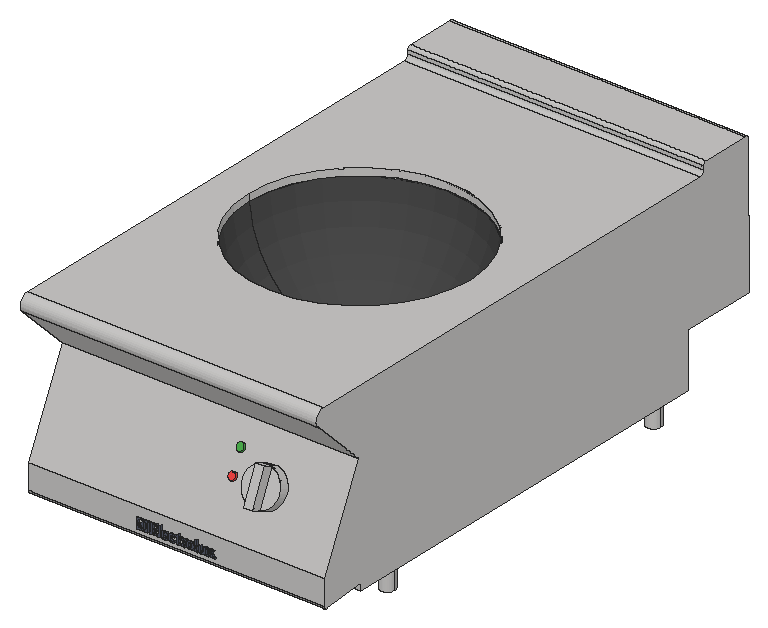
Revit family "QF_ELECTROLUXPROFESSIONAL_371282_E7INEDW00P", category Specialty Equipment, Revit 2018
Family settings
  Round Connector Dimension = Use Diameter
  Part Type = Normal
  Work Plane-Based = No
  Always vertical = Yes
  Cut with Voids When Loaded = No
  Shared = No
  Room Calculation Point = No
Parameters (values of type "Standard")
  Weight = 20.00 kg
  Watts = 0 W
  Volts = 380 V
  URL Manufacturer = "http://professional.electrolux.com"
  URL = "http://professional.electrolux.com"
  Steam Supply Size = 0"
  Steam Supply Minimum Pressure = 0.00 psi
  Steam Supply Maximum Pressure = 0.00 psi
  Steam Pounds per Hour = 0
  Show Logo [instance] = yes
  Show Clearance [instance] = yes
  Refrigeration Suction Line Size = 0"
  Refrigeration Liquid Line Size = 0"
  Refrigerant Compressor Remote = yes
  Phase = 3
  Model = "E7INEDW00P"
  Manufacturer = "Electrolux Professional"
  Length Actual = 400 mm  # constant formula
  Item Number = "371282"
  Hot Water Size = 0"
  Height Actual = 250 mm  # constant formula
  HP = "6.7 HP"
  Gas Size = 0"
  Gas KW = 0
  Gas Input Pressure = 0.0 Btu/h
  Direct Waste Size = 0"
  Description = "ELECTRIC INDUCTION WOK 5 KW 400 MM-700XP"
  Depth Actual = 730 mm  # constant formula
  Cycle = 50 Hz
  Condensate Return Size = 0"
  Compressed Air Volume = 0 GPM
  Compressed Air Size = 0"
  Compressed Air Pressure = 0.00 psi
  Cold Water Size = 0"
  Assembly Code = ""
  Accessory = yes
Types (2, lengths in mm): name | URL | Phase | Model | Manufacturer | Description
  (no name) | 0 | 0 | 0 | 0 | 0
  Standard | "http://professional.electrolux.com" | 3 | "E7INEDW00P" | "Electrolux Professional" | "ELECTRIC INDUCTION WOK 5 KW 400 MM-700XP"
Values of the unnamed type that differ from the named types
  Volts = 0 V
  URL Manufacturer = ""
  Item Number = ""
  Cycle = 0 Hz
Reference planes
  plane 1 "BACK": y = -0.25
  plane 2: z = 0
  plane 3 "LEFT": x = 0
  plane 4 "RIGHT": x = 400
  plane 5 "FRONT": y = -730.25
  plane 6 "TOP": z = 290
  plane 7 "Center Y": x = 200
  plane 8 "Center X": y = -365.25
  plane 9: y = -146.25
  plane 10: y = -596.25
  plane 11: z = 900
  plane 12 "BASE": z = 650.188
  plane 13 "TOP A": z = 900
Forms (mm)
  Extrusion 1, solid, material "QF_Finishes_Stainless Steel"
    sketch origin (0, -1, 625.188) x (1, 0, 0) y (0, 1, 0)
      loop
        circle (11.012, -145.25) r 9.525
      loop
        circle (11.012, -595.25) r 9.525
      loop
        circle (388.987, -145.25) r 9.525
      loop
        circle (388.987, -595.25) r 9.525
    from 0 to 25
  Extrusion 2, solid, material "QF_Finishes_Green"
    sketch origin (65.792, -1044.035, -0.713) x (0, 0.428711, 0.903442) y (-1, 0, 0)
      loop
        circle (865.528, -187.197) r 5
    from 0 to 2
  Extrusion 3, solid, material "QF_Finishes_Red"
    sketch origin (54.507, -1054.639, -23.059) x (0, 0.428711, 0.903442) y (-1, 0, 0)
      loop
        circle (857.865, -198.482) r 5
    from 0 to 2
  Extrusion 4, solid, material "QF_Finishes_Stainless Steel"
    sketch origin (250, -103, 723.613) x (0, 0, -1) y (-1, 0, 0)
      loop
        circle (57.425, -107) r 9.5
    from 1.137 to 3.175
  Extrusion 5, solid, material "QF_Finishes_Stainless Steel"
    sketch origin (0, 0, 625.188) x (0, 1, 0) y (0, 0, 1)
      loop
        arc (-70.22, 289.958) -> (-73.734, 288.502) -> (-75.19, 284.988) r 4.97
        line (-75.19, 284.988) -> (-75.19, 280.267)
        arc (-75.19, 280.267) -> (-76.788, 276.41) -> (-80.644, 274.812) r 5.454
        line (-80.644, 274.812) -> (-717.921, 274.812)
        arc (-717.921, 274.812) -> (-729.312, 267.202) -> (-726.639, 253.766) r 12.329
        line (-726.639, 253.766) -> (-658.272, 187.036) -> (-715.499, 66.438) -> (-715.499, 32.889)
        arc (-715.499, 32.889) -> (-714.341, 30.288) -> (-711.633, 29.408) r 3.5
        line (-711.633, 29.408) -> (-654.865, 35.203) -> (-654.865, 25) -> (-101.863, 25) -> (-101.863, 99) -> (-0.25, 99) -> (-0.25, 286)
        arc (-0.25, 286) -> (-1.414, 288.821) -> (-4.228, 290) r 4
        line (-4.228, 290) -> (-70.256, 290)
    from 0 to 400
  Extrusion 6, solid, material "QF_Finishes_Stainless Steel"
    sketch origin (-238.034, -716.614, 695.642) x (0, 0.415263, 0.909701) y (-1, 0, 0)
      loop
        circle (66.843, -539.713) r 25.4
    from 0 to 12.7
  Extrusion 7, solid, material "QF_Finishes_Stainless Steel"
    sketch origin (-238.034, -728.167, 700.916) x (0, 0.415263, 0.909701) y (-1, 0, 0)
      loop
        arc (91.575, -545.499) -> (92.243, -539.713) -> (91.575, -533.927) r 25.4
        line (91.575, -533.927) -> (42.111, -533.927)
        arc (42.111, -533.927) -> (41.443, -539.713) -> (42.111, -545.499) r 25.4
        line (42.111, -545.499) -> (91.575, -545.499)
    from 0 to 12.7
  Revolve 8, void
    sketch origin (-6096, -406.787, 744.825) x (0, 0, -1) y (-1, 0, 0)
      loop
        line (-305.175, -6296) -> (-5.175, -6296)
        arc (-5.175, -6296) -> (-155.175, -6146) -> (-305.175, -6296) r 150
      axis (-305.175, -6296) -> (-5.175, -6296)
    angle from 0 to 360
  Extrusion 9, void
    sketch origin (0, 35, 900) x (1, 0, 0) y (0, -1, 0)
      loop
        circle (200, 441.787) r 150
    from 0 to 10
  Extrusion 10, solid, material "QF_Finishes_Navy Blue", visible <- "Show Logo"
    sketch origin (-140, -715.499, 658.076) x (0, 0, 1) y (-1, 0, 0)
      loop
        line (19.875, -296.207) -> (7.509, -296.207)
        arc (7.509, -296.207) -> (13.692, -300.778) -> (19.875, -296.207) r 6.467
      loop
        arc (19.875, -295.578) -> (18.706, -290.435) -> (14.051, -287.957) r 6.338
        line (14.051, -287.957) -> (14.051, -290.003)
        arc (14.051, -290.003) -> (15.534, -293.658) -> (18.98, -295.578) r 5.941
        line (18.98, -295.578) -> (19.875, -295.578)
      loop
        arc (8.404, -295.578) -> (11.85, -293.658) -> (13.334, -290.003) r 5.941
        line (13.334, -290.003) -> (13.334, -287.957)
        arc (13.334, -287.957) -> (8.639, -290.431) -> (7.35, -295.578) r 6.504
        line (7.35, -295.578) -> (8.404, -295.578)
      loop
        line (20.55, -287.488) -> (6.806, -287.488) -> (6.806, -301.251) -> (20.55, -301.251) -> (20.55, -287.488)
      loop
        arc (20.634, -304.218) -> (20.286, -303.861) -> (19.919, -304.199) r 0.358
        arc (19.919, -304.199) -> (19.605, -304.949) -> (18.888, -305.334) r 1.216
        line (18.888, -305.334) -> (8.476, -305.334)
        arc (8.476, -305.334) -> (7.816, -305.056) -> (7.42, -304.46) r 1.238
        arc (7.42, -304.46) -> (7.025, -304.209) -> (6.719, -304.563) r 0.358
        line (6.719, -304.563) -> (6.719, -314.442) -> (9.47, -314.442) -> (9.47, -313.545)
        arc (9.47, -313.545) -> (8.561, -312.965) -> (8.106, -311.988) r 1.928
        line (8.106, -311.988) -> (8.106, -309.489)
        arc (8.106, -309.489) -> (8.381, -308.76) -> (9.07, -308.396) r 1.101
        line (9.07, -308.396) -> (13.156, -308.396) -> (13.156, -312.069)
        arc (13.156, -312.069) -> (12.804, -312.566) -> (12.238, -312.794) r 1.083
        arc (12.238, -312.794) -> (11.975, -313.1) -> (12.267, -313.378) r 0.292
        line (12.267, -313.378) -> (15.229, -313.378)
        arc (15.229, -313.378) -> (15.532, -313.105) -> (15.293, -312.775) r 0.305
        arc (15.293, -312.775) -> (14.803, -312.527) -> (14.498, -312.069) r 1.083
        line (14.498, -312.069) -> (14.498, -308.396) -> (19.175, -308.396) -> (19.175, -312.143)
        arc (19.175, -312.143) -> (18.961, -312.899) -> (18.354, -313.397) r 1.314
        arc (18.354, -313.397) -> (18.135, -313.801) -> (18.49, -314.093) r 0.361
        line (18.49, -314.093) -> (20.634, -314.093) -> (20.634, -304.218)
      loop
        arc (19.917, -314.874) -> (19.536, -315.793) -> (18.618, -316.173) r 1.299
        line (18.618, -316.173) -> (9.039, -316.173)
        arc (9.039, -316.173) -> (8.201, -315.795) -> (7.929, -314.917) r 1.118
        line (7.929, -314.917) -> (6.719, -314.917) -> (6.719, -320.267) -> (7.908, -320.267)
        arc (7.908, -320.267) -> (8.179, -319.35) -> (9.049, -318.954) r 1.153
        line (9.049, -318.954) -> (21.122, -318.954) -> (19.917, -314.874)
      loop
        line (11.684, -322.903) -> (11.684, -329.35) -> (12.483, -329.35)
        arc (12.483, -329.35) -> (15.064, -328.366) -> (16.332, -325.912) r 3.874
        line (16.332, -325.912) -> (16.332, -324.152)
        arc (16.332, -324.152) -> (15.146, -321.287) -> (12.281, -320.101) r 4.051
        line (12.281, -320.101) -> (10.273, -320.101)
        arc (10.273, -320.101) -> (7.455, -321.586) -> (6.403, -324.593) r 4.352
        arc (6.403, -324.593) -> (6.767, -327.056) -> (8.145, -329.13) r 5.713
        line (8.145, -329.13) -> (9.094, -329.13)
        arc (9.094, -329.13) -> (8.361, -327.561) -> (8.145, -325.843) r 5.579
        arc (8.145, -325.843) -> (8.939, -323.88) -> (10.818, -322.903) r 3.057
        line (10.818, -322.903) -> (11.684, -322.903)
      loop
        line (12.944, -322.903) -> (12.944, -326.485)
        arc (12.944, -326.485) -> (14.4, -326.532) -> (15.283, -325.373) r 1.59
        line (15.283, -325.373) -> (15.283, -324.543)
        arc (15.283, -324.543) -> (14.419, -323.288) -> (12.944, -322.903) r 2.184
      loop
        arc (15.734, -338.768) -> (16.223, -337.094) -> (16.381, -335.357) r 9.023
        line (16.381, -335.357) -> (16.381, -333.995)
        arc (16.381, -333.995) -> (15.221, -331.195) -> (12.422, -330.035) r 3.959
        line (12.422, -330.035) -> (9.822, -330.035)
        arc (9.822, -330.035) -> (7.54, -331.328) -> (6.422, -333.701) r 4.331
        line (6.422, -333.701) -> (6.422, -335.836)
        arc (6.422, -335.836) -> (6.931, -337.386) -> (7.852, -338.732) r 5.772
        arc (7.852, -338.732) -> (8.614, -338.783) -> (8.701, -338.024) r 0.553
        arc (8.701, -338.024) -> (8.313, -337.29) -> (8.179, -336.471) r 2.573
        line (8.179, -336.471) -> (8.179, -334.956)
        arc (8.179, -334.956) -> (9.185, -333.314) -> (10.999, -332.672) r 2.884
        line (10.999, -332.672) -> (12.278, -332.672)
        arc (12.278, -332.672) -> (14.099, -333.232) -> (15.026, -334.897) r 2.554
        line (15.026, -334.897) -> (15.026, -335.95)
        arc (15.026, -335.95) -> (14.694, -336.878) -> (14.037, -337.613) r 2.564
        arc (14.037, -337.613) -> (13.816, -338.33) -> (14.425, -338.768) r 0.643
        line (14.425, -338.768) -> (15.734, -338.768)
      loop
        line (14.716, -339.038) -> (14.716, -340.539) -> (8.668, -340.539)
        arc (8.668, -340.539) -> (7.08, -341.197) -> (6.422, -342.785) r 2.246
        line (6.422, -342.785) -> (6.422, -344.369)
        arc (6.422, -344.369) -> (6.736, -345.233) -> (7.237, -346.005) r 4.06
        arc (7.237, -346.005) -> (7.969, -346.138) -> (8.221, -345.437) r 0.576
        arc (8.221, -345.437) -> (8.115, -344.911) -> (8.179, -344.379) r 1.69
        arc (8.179, -344.379) -> (8.72, -343.591) -> (9.627, -343.288) r 1.506
        line (9.627, -343.288) -> (14.765, -343.288) -> (14.765, -345.685) -> (15.321, -346.241) -> (16.143, -346.241) -> (16.143, -343.382) -> (19.374, -343.382) -> (14.716, -339.038)
      loop
        line (6.64, -347.139) -> (6.64, -352.526) -> (7.75, -352.526)
        arc (7.75, -352.526) -> (8.144, -351.575) -> (9.095, -351.181) r 1.345
        line (9.095, -351.181) -> (12.711, -351.181)
        arc (12.711, -351.181) -> (13.476, -351.773) -> (13.765, -352.695) r 1.615
        line (13.765, -352.695) -> (13.765, -354.251) -> (16.321, -354.936) -> (16.321, -353.553) -> (14.378, -350.994) -> (16.259, -350.994) -> (15.974, -348.288)
        arc (15.974, -348.288) -> (15.535, -347.758) -> (14.876, -347.959) r 0.621
        arc (14.876, -347.959) -> (14.475, -348.301) -> (13.982, -348.484) r 1.501
        line (13.982, -348.484) -> (9.095, -348.484)
        arc (9.095, -348.484) -> (8.144, -348.09) -> (7.75, -347.139) r 1.345
        line (7.75, -347.139) -> (6.64, -347.139)
      loop
        line (12.742, -354.473) -> (10.05, -354.473)
        arc (10.05, -354.473) -> (7.604, -355.781) -> (6.47, -358.311) r 4.288
        arc (6.47, -358.311) -> (6.407, -359.692) -> (6.47, -361.072) r 15.022
        arc (6.47, -361.072) -> (7.604, -363.603) -> (10.05, -364.91) r 4.288
        line (10.05, -364.91) -> (12.742, -364.91)
        arc (12.742, -364.91) -> (15.187, -363.603) -> (16.321, -361.072) r 4.288
        arc (16.321, -361.072) -> (16.385, -359.692) -> (16.321, -358.311) r 15.022
        arc (16.321, -358.311) -> (15.187, -355.781) -> (12.742, -354.473) r 4.288
      loop
        line (12.947, -357.587) -> (9.845, -357.587)
        arc (9.845, -357.587) -> (7.688, -359.744) -> (9.845, -361.901) r 2.157
        line (9.845, -361.901) -> (12.947, -361.901)
        arc (12.947, -361.901) -> (15.103, -359.744) -> (12.947, -357.587) r 2.157
      loop
        arc (19.927, -364.768) -> (19.557, -365.662) -> (18.663, -366.033) r 1.264
        line (18.663, -366.033) -> (8.798, -366.033)
        arc (8.798, -366.033) -> (7.928, -365.636) -> (7.657, -364.72) r 1.153
        line (7.657, -364.72) -> (6.719, -364.72) -> (6.719, -369.828) -> (7.648, -369.828)
        arc (7.648, -369.828) -> (8.007, -369.056) -> (8.798, -368.741) r 1.153
        line (8.798, -368.741) -> (21.122, -368.741) -> (19.927, -364.768)
      loop
        arc (15.048, -369.365) -> (14.848, -370.43) -> (13.879, -370.912) r 1.215
        line (13.879, -370.912) -> (8.859, -370.912)
        arc (8.859, -370.912) -> (7.245, -371.559) -> (6.524, -373.142) r 2.338
        line (6.524, -373.142) -> (6.524, -374.657)
        arc (6.524, -374.657) -> (6.698, -375.661) -> (7.201, -376.547) r 2.979
        line (7.201, -376.547) -> (6.719, -378.344) -> (6.719, -380.032) -> (16.145, -380.032) -> (15.851, -375.829) -> (15.064, -375.829)
        arc (15.064, -375.829) -> (14.709, -376.665) -> (13.956, -377.174) r 1.605
        line (13.956, -377.174) -> (8.854, -377.174)
        arc (8.854, -377.174) -> (8.433, -376.237) -> (8.361, -375.213) r 2.94
        arc (8.361, -375.213) -> (8.921, -374.112) -> (10.075, -373.669) r 1.724
        line (10.075, -373.669) -> (16.271, -373.669) -> (15.048, -369.365)
      loop
        line (16.076, -380.886) -> (14.403, -382.932) -> (11.23, -385.238) -> (7.773, -382.126)
        arc (7.773, -382.126) -> (7.536, -381.732) -> (7.558, -381.273) r 0.789
        line (7.558, -381.273) -> (6.719, -381.273) -> (6.719, -384.818) -> (7.546, -384.818)
        arc (7.546, -384.818) -> (7.888, -384.456) -> (8.378, -384.548) r 0.52
        line (8.378, -384.548) -> (10.178, -386.019) -> (8.06, -387.394)
        arc (8.06, -387.394) -> (7.658, -387.084) -> (7.572, -386.585) r 0.7
        line (7.572, -386.585) -> (6.719, -386.585) -> (6.719, -392.512) -> (7.606, -392.512)
        arc (7.606, -392.512) -> (7.673, -391.853) -> (8.068, -391.322) r 1.247
        line (8.068, -391.322) -> (12.268, -388.041) -> (14.715, -390.094) -> (16.076, -391.836) -> (16.076, -388.112) -> (14.591, -388.535) -> (13.069, -387.258) -> (14.769, -386.068) -> (16.076, -386.844) -> (16.076, -380.886)
    from 0 to 1.644
Cuts and joins
  Revolve 8, Extrusion 9 cuts Extrusion 5
Lines and regions (mm)
  symbolic lines
    curve 1: line (0, -0.25, 0) -> (0, -730.25, 0)
    curve 2: line (400, -730.25, 0) -> (400, -0.25, 0)
    curve 3: arc (350, -406.787, 0) -> (200, -556.787, 0) -> (50, -406.787, 0) r 150
    curve 4: arc (50, -406.787, 0) -> (200, -256.787, 0) -> (350, -406.787, 0) r 150
    curve 5: line (400, -730.25, 0) -> (0, -730.25, 0)
    curve 6: line (400, -0.25, 0) -> (0, -0.25, 0)
    curve 7: line (0, -75.19, 0) -> (400, -75.19, 0)
Dimensions and locks
  equal spacing: plane 3 "LEFT", plane 7 "Center Y", plane 4 "RIGHT"
  plane 3 "LEFT" to plane 4 "RIGHT" = 400 mm
  equal spacing: plane 5 "FRONT", plane 8 "Center X", plane 1 "BACK"
  plane 5 "FRONT" to plane 1 "BACK" = 730 mm
  plane 1 "BACK" to plane 5 "FRONT" = 730 mm
  plane 6 "TOP" to plane 2 = 290 mm
  plane 1 "BACK" to plane 9 to plane 10 = 146 mm, 450 mm
  plane 11 to level = 900 mm
  plane 13 "TOP A" to plane 12 "BASE" = 249.813 mm
  aligned and locked: level to plane 2
  aligned and locked: Extrusion 5 sketch curve to plane 13 "TOP A"
  aligned and locked: Extrusion 5 sketch curve to plane 12 "BASE"
Automatic sketch dimensions
  curve 3 to curve 4 = 0 mm  (x2)
  curve 1 to plane 3 "LEFT" = 0 mm
  curve 4 to plane 7 "Center Y" = 0 mm
  plane 1 "BACK" to curve 6 = 0 mm
  curve 6 to plane 4 "RIGHT" = 0 mm
  plane 5 "FRONT" to curve 1 = 0 mm
  curve 3 to plane 8 "Center X" = 41.537 mm
  plane 3 "LEFT" to curve 4 = 50 mm
  curve 7 to plane 9 = 71.06 mm
  plane 10 to Extrusion 1 sketch curve = 0 mm  (x2)
  plane 9 to Extrusion 1 sketch curve = 0 mm  (x2)
  plane 3 "LEFT" to Extrusion 1 sketch curve = 11.012 mm  (x2)
  Extrusion 1 sketch curve to plane 4 "RIGHT" = 11.013 mm  (x2)
  plane 7 "Center Y" to Extrusion 2 sketch curve = 52.988 mm
  plane 7 "Center Y" to Extrusion 3 sketch curve = 52.988 mm
  plane 12 "BASE" to Extrusion 4 sketch curve = 16 mm
  Extrusion 4 sketch curve to plane 4 "RIGHT" = 43 mm
  Extrusion 5 sketch curve to plane 11 = 0 mm
  Extrusion 5 sketch curve to plane 12 "BASE" = 0 mm
  Extrusion 5 sketch curve to plane 1 "BACK" = 0 mm
  plane 1 "BACK" to Extrusion 5 sketch curve = 3.978 mm
  Extrusion 5 sketch curve to Extrusion 5 sketch curve = 0.022 mm
  plane 11 to Extrusion 5 sketch curve = 10.175 mm
  Extrusion 5 sketch curve to Extrusion 5 sketch curve = 65.97 mm
  Extrusion 5 sketch curve to Extrusion 5 sketch curve = 4.97 mm
  Extrusion 5 sketch curve to Extrusion 5 sketch curve = 5.454 mm
  Extrusion 5 sketch curve to plane 9 = 44.388 mm
  plane 12 "BASE" to Extrusion 5 sketch curve = 10.203 mm
  plane 10 to Extrusion 5 sketch curve = 58.615 mm
  plane 10 to Extrusion 5 sketch curve = 62.022 mm
  plane 12 "BASE" to Extrusion 5 sketch curve = 7.889 mm
  Extrusion 5 sketch curve to plane 5 "FRONT" = 18.251 mm
  Extrusion 5 sketch curve to Extrusion 5 sketch curve = 3.5 mm
  Extrusion 5 sketch curve to plane 5 "FRONT" = 12.329 mm
  Extrusion 5 sketch curve to plane 5 "FRONT" = 3.611 mm
  Extrusion 5 sketch curve to Extrusion 5 sketch curve = 33.549 mm
  plane 12 "BASE" to Extrusion 5 sketch curve = 74 mm
  Extrusion 5 sketch curve to plane 11 = 87.777 mm
  Extrusion 5 sketch curve to plane 11 = 21.046 mm
  plane 11 to Extrusion 5 sketch curve = 11.188 mm
  Extrusion 5 sketch curve to Extrusion 5 sketch curve = 4 mm
  Extrusion 5 sketch curve to Extrusion 5 sketch curve = 0 mm  (x3)
  Extrusion 5 sketch curve to Extrusion 5 sketch curve = 0.036 mm
  Extrusion 5 sketch curve to Extrusion 5 sketch curve = 0.366 mm
  plane 12 "BASE" to Extrusion 5 sketch curve = 4.408 mm
  Extrusion 6 sketch curve to plane 4 "RIGHT" = 98.321 mm
  Extrusion 7 sketch curve to Extrusion 7 sketch curve = 0 mm  (x3)
  Extrusion 7 sketch curve to plane 4 "RIGHT" = 92.535 mm
  Extrusion 7 sketch curve to Extrusion 7 sketch curve = 24.732 mm  (x2)
  Extrusion 7 sketch curve to Extrusion 7 sketch curve = 5.786 mm
  Revolve 8 sketch curve to plane 7 "Center Y" = 0 mm  (x2)
  Revolve 8 sketch curve to plane 11 = 0 mm
  Revolve 8 sketch curve to Revolve 8 sketch curve = 150 mm
  Revolve 8 sketch curve to plane 11 = 30.637 mm
  Revolve 8 sketch curve to Revolve 8 sketch curve = 35 mm
  Extrusion 9 sketch curve to plane 7 "Center Y" = 0 mm
  Extrusion 9 sketch curve to plane 8 "Center X" = 41.537 mm
  plane 12 "BASE" to Extrusion 10 sketch curve = 9.251 mm
  plane 7 "Center Y" to Extrusion 10 sketch curve = 4.369 mm
  plane 12 "BASE" to Extrusion 10 sketch curve = 14.311 mm
  Extrusion 10 sketch curve to Extrusion 10 sketch curve = 0 mm  (x14)
  Extrusion 10 sketch curve to Extrusion 10 sketch curve = 5.162 mm
  Extrusion 10 sketch curve to Extrusion 10 sketch curve = 0.218 mm
  Extrusion 10 sketch curve to Extrusion 10 sketch curve = 0.195 mm
  Extrusion 10 sketch curve to Extrusion 10 sketch curve = 5.357 mm
  plane 12 "BASE" to Extrusion 10 sketch curve = 14.608 mm
  Extrusion 10 sketch curve to Extrusion 10 sketch curve = 0.087 mm
  Extrusion 10 sketch curve to Extrusion 10 sketch curve = 0.358 mm
  Extrusion 10 sketch curve to Extrusion 10 sketch curve = 0.481 mm
  Extrusion 10 sketch curve to Extrusion 10 sketch curve = 0.544 mm
  Extrusion 10 sketch curve to Extrusion 10 sketch curve = 0.936 mm
  Extrusion 10 sketch curve to Extrusion 10 sketch curve = 0.594 mm
  Extrusion 10 sketch curve to Extrusion 10 sketch curve = 0.159 mm
  Extrusion 10 sketch curve to Extrusion 10 sketch curve = 0.826 mm
  Extrusion 10 sketch curve to Extrusion 10 sketch curve = 0.839 mm
  Extrusion 10 sketch curve to Extrusion 10 sketch curve = 0.852 mm
  Extrusion 10 sketch curve to Extrusion 10 sketch curve = 0.887 mm
  Extrusion 10 sketch curve to Extrusion 10 sketch curve = 0.928 mm
  Extrusion 10 sketch curve to Extrusion 10 sketch curve = 0.938 mm
  Extrusion 10 sketch curve to Extrusion 10 sketch curve = 1.259 mm
  Extrusion 10 sketch curve to Extrusion 10 sketch curve = 1.11 mm  (x3)
  Extrusion 10 sketch curve to Extrusion 10 sketch curve = 0.215 mm
  Extrusion 10 sketch curve to Extrusion 10 sketch curve = 1.188 mm
  Extrusion 10 sketch curve to Extrusion 10 sketch curve = 1.21 mm  (x2)
  Extrusion 10 sketch curve to Extrusion 10 sketch curve = 0.503 mm
  Extrusion 10 sketch curve to Extrusion 10 sketch curve = 0.488 mm
  Extrusion 10 sketch curve to Extrusion 10 sketch curve = 0.462 mm
  Extrusion 10 sketch curve to Extrusion 10 sketch curve = 1.029 mm
  Extrusion 10 sketch curve to Extrusion 10 sketch curve = 1.723 mm
  Extrusion 10 sketch curve to Extrusion 10 sketch curve = 0.821 mm
  Extrusion 10 sketch curve to Extrusion 10 sketch curve = 0.686 mm
  Extrusion 10 sketch curve to Extrusion 10 sketch curve = 0.081 mm
  Extrusion 10 sketch curve to Extrusion 10 sketch curve = 0.743 mm
  Extrusion 10 sketch curve to Extrusion 10 sketch curve = 0.329 mm
  Extrusion 10 sketch curve to Extrusion 10 sketch curve = 1.054 mm
  Extrusion 10 sketch curve to Extrusion 10 sketch curve = 1.398 mm
  Extrusion 10 sketch curve to Extrusion 10 sketch curve = 0.129 mm
  Extrusion 10 sketch curve to Extrusion 10 sketch curve = 2.246 mm
  Extrusion 10 sketch curve to Extrusion 10 sketch curve = 1.151 mm
  Extrusion 10 sketch curve to Extrusion 10 sketch curve = 1.141 mm  (x2)
  Extrusion 10 sketch curve to Extrusion 10 sketch curve = 0.768 mm
  Extrusion 10 sketch curve to Extrusion 10 sketch curve = 1.653 mm
  Extrusion 10 sketch curve to Extrusion 10 sketch curve = 2.335 mm
  Extrusion 10 sketch curve to Extrusion 10 sketch curve = 0.964 mm
  Extrusion 10 sketch curve to Extrusion 10 sketch curve = 0.949 mm
  Extrusion 10 sketch curve to Extrusion 10 sketch curve = 1.345 mm  (x2)
  Extrusion 10 sketch curve to Extrusion 10 sketch curve = 1.101 mm
  Extrusion 10 sketch curve to Extrusion 10 sketch curve = 0.432 mm
  Extrusion 10 sketch curve to Extrusion 10 sketch curve = 0.643 mm  (x2)
  Extrusion 10 sketch curve to Extrusion 10 sketch curve = 1.945 mm
  Extrusion 10 sketch curve to Extrusion 10 sketch curve = 0.176 mm
  Extrusion 10 sketch curve to Extrusion 10 sketch curve = 0.728 mm
  Extrusion 10 sketch curve to Extrusion 10 sketch curve = 1.046 mm
  Extrusion 10 sketch curve to Extrusion 10 sketch curve = 0.541 mm
  Extrusion 10 sketch curve to Extrusion 10 sketch curve = 1.251 mm
  Extrusion 10 sketch curve to Extrusion 10 sketch curve = 0.955 mm
  Extrusion 10 sketch curve to Extrusion 10 sketch curve = 0.572 mm
  Extrusion 10 sketch curve to Extrusion 10 sketch curve = 1.92 mm
  Extrusion 10 sketch curve to Extrusion 10 sketch curve = 1.224 mm
  Extrusion 10 sketch curve to Extrusion 10 sketch curve = 0.745 mm
  Extrusion 10 sketch curve to Extrusion 10 sketch curve = 2.537 mm
  Extrusion 10 sketch curve to Extrusion 10 sketch curve = 0.896 mm  (x3)
  Extrusion 10 sketch curve to Extrusion 10 sketch curve = 0.036 mm  (x2)
  Extrusion 10 sketch curve to Extrusion 10 sketch curve = 0.479 mm
  Extrusion 10 sketch curve to Extrusion 10 sketch curve = 0.066 mm
  Extrusion 10 sketch curve to Extrusion 10 sketch curve = 0.248 mm
  Extrusion 10 sketch curve to Extrusion 10 sketch curve = 0.449 mm
  Extrusion 10 sketch curve to Extrusion 10 sketch curve = 1.052 mm
  Extrusion 10 sketch curve to Extrusion 10 sketch curve = 1.863 mm
  Extrusion 10 sketch curve to Extrusion 10 sketch curve = 1.31 mm  (x2)
  Extrusion 10 sketch curve to Extrusion 10 sketch curve = 0.901 mm
  Extrusion 10 sketch curve to Extrusion 10 sketch curve = 1.107 mm
  Extrusion 10 sketch curve to Extrusion 10 sketch curve = 2.122 mm
  Extrusion 10 sketch curve to Extrusion 10 sketch curve = 2.101 mm
  Extrusion 10 sketch curve to Extrusion 10 sketch curve = 0.134 mm
  Extrusion 10 sketch curve to Extrusion 10 sketch curve = 2.09 mm
  Extrusion 10 sketch curve to Extrusion 10 sketch curve = 1.279 mm
  Extrusion 10 sketch curve to Extrusion 10 sketch curve = 2.008 mm
  Extrusion 10 sketch curve to Extrusion 10 sketch curve = 0.738 mm
  Extrusion 10 sketch curve to Extrusion 10 sketch curve = 0.382 mm
  Extrusion 10 sketch curve to Extrusion 10 sketch curve = 0.384 mm
  Extrusion 10 sketch curve to Extrusion 10 sketch curve = 0.002 mm
  Extrusion 10 sketch curve to Extrusion 10 sketch curve = 0.561 mm
  Extrusion 10 sketch curve to Extrusion 10 sketch curve = 0.592 mm
  Extrusion 10 sketch curve to Extrusion 10 sketch curve = 2.692 mm
  Extrusion 10 sketch curve to Extrusion 10 sketch curve = 0.46 mm
  Extrusion 10 sketch curve to Extrusion 10 sketch curve = 0.802 mm
  Extrusion 10 sketch curve to Extrusion 10 sketch curve = 1.024 mm  (x2)
  Extrusion 10 sketch curve to Extrusion 10 sketch curve = 0.682 mm
  Extrusion 10 sketch curve to Extrusion 10 sketch curve = 5.934 mm
  Extrusion 10 sketch curve to Extrusion 10 sketch curve = 2.186 mm
  Extrusion 10 sketch curve to Extrusion 10 sketch curve = 0.337 mm
  Extrusion 10 sketch curve to Extrusion 10 sketch curve = 0.021 mm
  Extrusion 10 sketch curve to Extrusion 10 sketch curve = 1.005 mm
  Extrusion 10 sketch curve to Extrusion 10 sketch curve = 0.552 mm
  Extrusion 10 sketch curve to Extrusion 10 sketch curve = 0.778 mm
  Extrusion 10 sketch curve to Extrusion 10 sketch curve = 0.063 mm
  Extrusion 10 sketch curve to Extrusion 10 sketch curve = 1.023 mm
  Extrusion 10 sketch curve to Extrusion 10 sketch curve = 3.804 mm
  Extrusion 10 sketch curve to Extrusion 10 sketch curve = 0.486 mm
  Extrusion 10 sketch curve to Extrusion 10 sketch curve = 0.266 mm  (x2)
  Extrusion 10 sketch curve to Extrusion 10 sketch curve = 0.717 mm  (x2)
  Extrusion 10 sketch curve to Extrusion 10 sketch curve = 1.667 mm
  Extrusion 10 sketch curve to Extrusion 10 sketch curve = 3.174 mm
  Extrusion 10 sketch curve to plane 7 "Center Y" = 1.232 mm
  Extrusion 10 sketch curve to Extrusion 10 sketch curve = 1.935 mm
  Extrusion 10 sketch curve to Extrusion 10 sketch curve = 1.342 mm
  Extrusion 10 sketch curve to Extrusion 10 sketch curve = 1.521 mm
  Extrusion 10 sketch curve to Extrusion 10 sketch curve = 0.124 mm  (x2)
  Extrusion 10 sketch curve to Extrusion 10 sketch curve = 0.291 mm
  plane 7 "Center Y" to Extrusion 10 sketch curve = 5.685 mm
  Extrusion 10 sketch curve to Extrusion 10 sketch curve = 1.049 mm  (x2)
  Extrusion 10 sketch curve to Extrusion 10 sketch curve = 1.7 mm
  Extrusion 10 sketch curve to Extrusion 10 sketch curve = 2.534 mm
  Extrusion 10 sketch curve to Extrusion 10 sketch curve = 1.168 mm
  Extrusion 10 sketch curve to Extrusion 10 sketch curve = 1.594 mm
  Extrusion 10 sketch curve to Extrusion 10 sketch curve = 0.731 mm
  Extrusion 10 sketch curve to Extrusion 10 sketch curve = 1.566 mm
  plane 7 "Center Y" to Extrusion 10 sketch curve = 6.241 mm
  Extrusion 10 sketch curve to Extrusion 10 sketch curve = 0.556 mm
  Extrusion 10 sketch curve to Extrusion 10 sketch curve = 1.375 mm
  Extrusion 10 sketch curve to Extrusion 10 sketch curve = 1.018 mm
  Extrusion 10 sketch curve to Extrusion 10 sketch curve = 0.787 mm
  plane 7 "Center Y" to Extrusion 10 sketch curve = 8.288 mm
  Extrusion 10 sketch curve to Extrusion 10 sketch curve = 0.618 mm
  Extrusion 10 sketch curve to Extrusion 10 sketch curve = 1.672 mm
  Extrusion 10 sketch curve to Extrusion 10 sketch curve = 1.361 mm
  Extrusion 10 sketch curve to Extrusion 10 sketch curve = 0.822 mm
  Extrusion 10 sketch curve to Extrusion 10 sketch curve = 0.069 mm
  Extrusion 10 sketch curve to Extrusion 10 sketch curve = 1.88 mm
  Extrusion 10 sketch curve to Extrusion 10 sketch curve = 0.42 mm
  Extrusion 10 sketch curve to Extrusion 10 sketch curve = 0.062 mm
  Extrusion 10 sketch curve to Extrusion 10 sketch curve = 1.355 mm
  Extrusion 10 sketch curve to Extrusion 10 sketch curve = 2.34 mm
  Extrusion 10 sketch curve to Extrusion 10 sketch curve = 0.629 mm  (x3)
  Extrusion 10 sketch curve to Extrusion 10 sketch curve = 0.128 mm
  Extrusion 10 sketch curve to Extrusion 10 sketch curve = 3.616 mm
  Extrusion 10 sketch curve to Extrusion 10 sketch curve = 4.207 mm
  Extrusion 10 sketch curve to Extrusion 10 sketch curve = 0.183 mm
  Extrusion 10 sketch curve to Extrusion 10 sketch curve = 0.895 mm
  Extrusion 10 sketch curve to Extrusion 10 sketch curve = 1.314 mm
  Extrusion 10 sketch curve to Extrusion 10 sketch curve = 3.231 mm
  Extrusion 10 sketch curve to Extrusion 10 sketch curve = 1.299 mm
  Extrusion 10 sketch curve to Extrusion 10 sketch curve = 1.264 mm
  Extrusion 10 sketch curve to Extrusion 10 sketch curve = 0.109 mm
  Extrusion 10 sketch curve to Extrusion 10 sketch curve = 1.571 mm
  Extrusion 10 sketch curve to Extrusion 10 sketch curve = 0.565 mm
  Extrusion 10 sketch curve to Extrusion 10 sketch curve = 2.504 mm
  Extrusion 10 sketch curve to Extrusion 10 sketch curve = 2.459 mm
  Extrusion 10 sketch curve to Extrusion 10 sketch curve = 1.502 mm
  Extrusion 10 sketch curve to Extrusion 10 sketch curve = 0.065 mm
  Extrusion 10 sketch curve to Extrusion 10 sketch curve = 0.131 mm
  Extrusion 10 sketch curve to Extrusion 10 sketch curve = 2.51 mm
  Extrusion 10 sketch curve to Extrusion 10 sketch curve = 0.187 mm
  Extrusion 10 sketch curve to Extrusion 10 sketch curve = 2.559 mm
  Extrusion 10 sketch curve to Extrusion 10 sketch curve = 1.556 mm
  Extrusion 10 sketch curve to Extrusion 10 sketch curve = 0.222 mm
  Extrusion 10 sketch curve to Extrusion 10 sketch curve = 1.383 mm
  Extrusion 10 sketch curve to Extrusion 10 sketch curve = 3.114 mm
  Extrusion 10 sketch curve to Extrusion 10 sketch curve = 1.118 mm  (x2)
  Extrusion 10 sketch curve to Extrusion 10 sketch curve = 4.756 mm
  Extrusion 10 sketch curve to Extrusion 10 sketch curve = 1.38 mm
  Extrusion 10 sketch curve to Extrusion 10 sketch curve = 1.039 mm
  Extrusion 10 sketch curve to Extrusion 10 sketch curve = 0.934 mm  (x2)
  Extrusion 10 sketch curve to Extrusion 10 sketch curve = 2.819 mm
  Extrusion 10 sketch curve to Extrusion 10 sketch curve = 5.077 mm
  Extrusion 10 sketch curve to Extrusion 10 sketch curve = 0.03 mm
  Extrusion 10 sketch curve to Extrusion 10 sketch curve = 2.708 mm
  Extrusion 10 sketch curve to Extrusion 10 sketch curve = 3.333 mm
  Extrusion 10 sketch curve to Extrusion 10 sketch curve = 0.332 mm
  Extrusion 10 sketch curve to Extrusion 10 sketch curve = 1.087 mm
  Extrusion 10 sketch curve to Extrusion 10 sketch curve = 2.23 mm
  Extrusion 10 sketch curve to Extrusion 10 sketch curve = 2.757 mm
  Extrusion 10 sketch curve to Extrusion 10 sketch curve = 0.987 mm
  Extrusion 10 sketch curve to Extrusion 10 sketch curve = 0.736 mm
  Extrusion 10 sketch curve to Extrusion 10 sketch curve = 0.127 mm
  Extrusion 10 sketch curve to Extrusion 10 sketch curve = 2.16 mm
  Extrusion 10 sketch curve to Extrusion 10 sketch curve = 1.796 mm
  Extrusion 10 sketch curve to Extrusion 10 sketch curve = 2.859 mm
  Extrusion 10 sketch curve to Extrusion 10 sketch curve = 0.853 mm
  Extrusion 10 sketch curve to Extrusion 10 sketch curve = 1.241 mm
  Extrusion 10 sketch curve to Extrusion 10 sketch curve = 2.046 mm  (x2)
  Extrusion 10 sketch curve to Extrusion 10 sketch curve = 2.422 mm
  Extrusion 10 sketch curve to Extrusion 10 sketch curve = 0.27 mm  (x2)
  Extrusion 10 sketch curve to Extrusion 10 sketch curve = 0.69 mm
  Extrusion 10 sketch curve to Extrusion 10 sketch curve = 0.781 mm  (x2)
  Extrusion 10 sketch curve to Extrusion 10 sketch curve = 3.136 mm
  Extrusion 10 sketch curve to Extrusion 10 sketch curve = 1.767 mm
  Extrusion 10 sketch curve to Extrusion 10 sketch curve = 0.138 mm
  Extrusion 10 sketch curve to Extrusion 10 sketch curve = 0.777 mm
  Extrusion 10 sketch curve to Extrusion 10 sketch curve = 1.19 mm
  Extrusion 10 sketch curve to Extrusion 10 sketch curve = 0.782 mm
  Extrusion 10 sketch curve to Extrusion 10 sketch curve = 1.268 mm
  Extrusion 10 sketch curve to Extrusion 10 sketch curve = 0.422 mm  (x2)
  Extrusion 10 sketch curve to Extrusion 10 sketch curve = 1.559 mm
  Extrusion 10 sketch curve to Extrusion 10 sketch curve = 3.927 mm
  Extrusion 10 sketch curve to Extrusion 10 sketch curve = 1.742 mm
  Extrusion 10 sketch curve to Extrusion 10 sketch curve = 0.983 mm
  Extrusion 10 sketch curve to Extrusion 10 sketch curve = 1.477 mm
  Extrusion 10 sketch curve to Extrusion 10 sketch curve = 1.5 mm
  Extrusion 10 sketch curve to Extrusion 10 sketch curve = 0.795 mm
  Extrusion 10 sketch curve to Extrusion 10 sketch curve = 0.051 mm
  Extrusion 10 sketch curve to Extrusion 10 sketch curve = 1.42 mm
  Extrusion 10 sketch curve to Extrusion 10 sketch curve = 2.303 mm
  Extrusion 10 sketch curve to Extrusion 10 sketch curve = 0.137 mm  (x2)
  Extrusion 10 sketch curve to Extrusion 10 sketch curve = 1.584 mm
  Extrusion 10 sketch curve to plane 7 "Center Y" = 1.642 mm
  Extrusion 10 sketch curve to Extrusion 10 sketch curve = 1.887 mm
  Extrusion 10 sketch curve to Extrusion 10 sketch curve = 2.175 mm
  Extrusion 10 sketch curve to Extrusion 10 sketch curve = 0.635 mm
  Extrusion 10 sketch curve to Extrusion 10 sketch curve = 0.903 mm
  Extrusion 10 sketch curve to Extrusion 10 sketch curve = 0.916 mm
  Extrusion 10 sketch curve to Extrusion 10 sketch curve = 0.352 mm  (x3)
  Extrusion 10 sketch curve to Extrusion 10 sketch curve = 0.458 mm
  Extrusion 10 sketch curve to Extrusion 10 sketch curve = 0.386 mm
  Extrusion 10 sketch curve to Extrusion 10 sketch curve = 1.282 mm
  Extrusion 10 sketch curve to Extrusion 10 sketch curve = 1.363 mm
  Extrusion 10 sketch curve to Extrusion 10 sketch curve = 0.685 mm
  Extrusion 10 sketch curve to Extrusion 10 sketch curve = 0.905 mm
  Extrusion 10 sketch curve to Extrusion 10 sketch curve = 2.865 mm
  Extrusion 10 sketch curve to Extrusion 10 sketch curve = 0.472 mm
  Extrusion 10 sketch curve to Extrusion 10 sketch curve = 0.549 mm
  Extrusion 10 sketch curve to Extrusion 10 sketch curve = 0.101 mm
  Extrusion 10 sketch curve to Extrusion 10 sketch curve = 0.54 mm
  Extrusion 10 sketch curve to Extrusion 10 sketch curve = 0.02 mm
  Extrusion 10 sketch curve to Extrusion 10 sketch curve = 0.468 mm
  Extrusion 10 sketch curve to Extrusion 10 sketch curve = 0.829 mm
  Extrusion 10 sketch curve to Extrusion 10 sketch curve = 0.582 mm
  Extrusion 10 sketch curve to Extrusion 10 sketch curve = 0.857 mm
  Extrusion 10 sketch curve to Extrusion 10 sketch curve = 1.523 mm
  Extrusion 10 sketch curve to Extrusion 10 sketch curve = 0.166 mm
  Extrusion 10 sketch curve to Extrusion 10 sketch curve = 0.16 mm
  Extrusion 10 sketch curve to Extrusion 10 sketch curve = 2.781 mm
  Extrusion 10 sketch curve to Extrusion 10 sketch curve = 0.613 mm
  Extrusion 10 sketch curve to Extrusion 10 sketch curve = 0.361 mm
  Extrusion 10 sketch curve to Extrusion 10 sketch curve = 0.897 mm
  Extrusion 10 sketch curve to Extrusion 10 sketch curve = 0.354 mm
  Extrusion 10 sketch curve to Extrusion 10 sketch curve = 0.292 mm
  Extrusion 10 sketch curve to Extrusion 10 sketch curve = 0.305 mm
  Extrusion 10 sketch curve to Extrusion 10 sketch curve = 1.553 mm
  Extrusion 10 sketch curve to Extrusion 10 sketch curve = 1.004 mm
  Extrusion 10 sketch curve to Extrusion 10 sketch curve = 1.557 mm
  Extrusion 10 sketch curve to Extrusion 10 sketch curve = 2.206 mm
  Extrusion 10 sketch curve to Extrusion 10 sketch curve = 3.062 mm
  Extrusion 10 sketch curve to Extrusion 10 sketch curve = 0.771 mm
  Extrusion 10 sketch curve to Extrusion 10 sketch curve = 1.115 mm
  Extrusion 10 sketch curve to Extrusion 10 sketch curve = 1.202 mm
  Extrusion 10 sketch curve to Extrusion 10 sketch curve = 1.231 mm
  Extrusion 10 sketch curve to Extrusion 10 sketch curve = 2.968 mm
  Extrusion 10 sketch curve to Extrusion 10 sketch curve = 5.044 mm
  Extrusion 10 sketch curve to Extrusion 10 sketch curve = 1.131 mm
  Extrusion 10 sketch curve to Extrusion 10 sketch curve = 0.027 mm
  Extrusion 10 sketch curve to Extrusion 10 sketch curve = 2.235 mm
  radius of Extrusion 1 sketch curve = 9.525 mm  (x4)
  radius of Extrusion 2 sketch curve = 5 mm
  radius of Extrusion 3 sketch curve = 5 mm
  radius of Extrusion 4 sketch curve = 9.5 mm
  radius of Extrusion 6 sketch curve = 25.4 mm
  radius of Extrusion 9 sketch curve = 150 mm
Connectors
  electrical at (357, -99.825, 666.188)
    settings: on Extrusion 4, index 2, voltage 0 V, apparent load 0 VA, apparent load phase1 0 VA, apparent load phase2 0 VA, apparent load phase3 0 VA, power factor 1, load classification "Altro", number of poles 1, system type 30, power factor state 1, is connector primary yes, connector utility no, sub classification motor no, connector description ""
